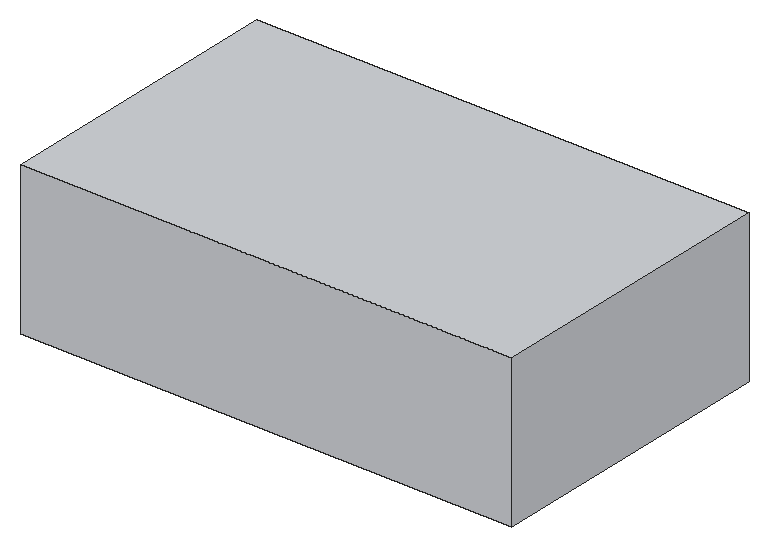
Revit family "TPP_pavimentazione_family", category Generic Models, Revit 2016
Family settings
  Part Type = Normal
  Can host rebar = No
  Round Connector Dimension = Use Diameter
  Work Plane-Based = No
  Always vertical = Yes
  Cut with Voids When Loaded = No
  Shared = No
  Room Calculation Point = No
Parameters
  lunghezza [instance] = 24 cm
  Spessore [instance] = 12.3185 cm
  Larghezza [instance] = 40 cm
Reference planes (cm)
  plane 1 "Center (Front/Back)": y = 0
  plane 2: z = 0
  plane 3 "Center (Left/Right)": x = 0
  plane 4: x = 51.1815
  plane 5: y = 35.422
  plane 6: y = 11.422
  plane 7: x = 11.1815
  plane 8: z = 12.3185
Forms (cm)
  Extrusion 1, solid
    sketch origin (0, 0, 0) x (1, 0, 0) y (0, 1, 0)
      loop
        line (11.1815, 35.422) -> (11.1815, 11.422) -> (51.1815, 11.422) -> (51.1815, 35.422) -> (11.1815, 35.422)
    from 0 to 12.3185
Dimensions and locks (cm)
  "lunghezza": plane 5 to plane 6
  "Larghezza": plane 7 to plane 4
  "Spessore": level to plane 8
  aligned and locked: plane 2 to level
  aligned and locked: plane 5 to Extrusion 1
  aligned and locked: Extrusion 1 to plane 7
  aligned and locked: Extrusion 1 to plane 6
  aligned and locked: plane 4 to Extrusion 1
  aligned and locked: plane 8 to Extrusion 1
Automatic sketch dimensions
  Extrusion 1 sketch curve to plane 6 = 0 cm
  plane 4 to Extrusion 1 sketch curve = 0 cm
  plane 5 to Extrusion 1 sketch curve = 0 cm
  Extrusion 1 sketch curve to plane 7 = 0 cm
